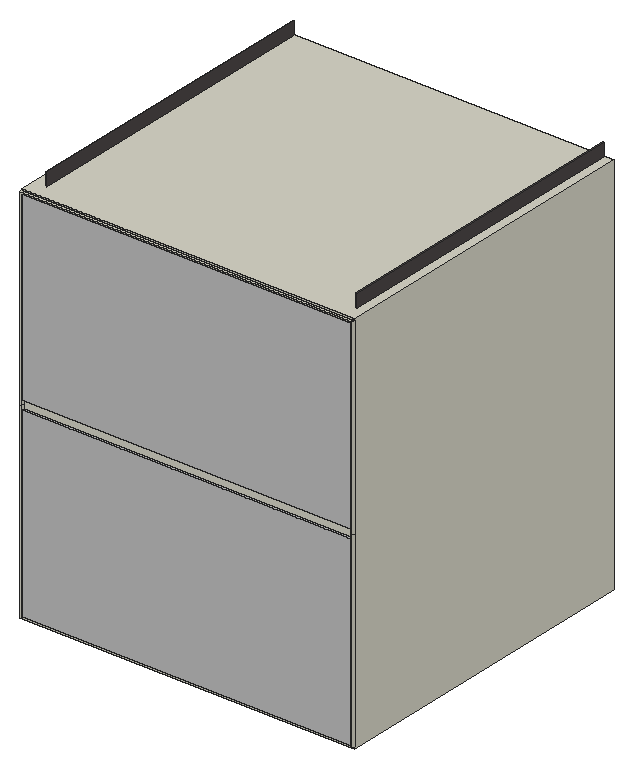
Revit family "vanity unit-hansgrohe-54173XXX-Xevolos E Vanity unit Sand Matt Beige 480_475 with 2 drawers for handrinse basin", category Furniture, Revit 2019
Family settings
  OmniClass Number = 23.40.00.00
  OmniClass Title = Equipment and Furnishings
  Work Plane-Based = No
  Always vertical = Yes
  Cut with Voids When Loaded = No
  Shared = Yes
  Room Calculation Point = No
Parameters (values of type "54173790-SAND_MATT_BEIGE-METALLIC_SAND_BEIGE-200")
  etim7_EC011381 = "EC011381"
  WEIGHT = "29"
  UNSPSC = "56 | Furniture and Furnishings"
  UNIFORMATII = "E2010 | Fixed Furnishings"
  UNICLASS_2015_CODE = "40_30_78_05"
  UNICLASS2015 = "Pr_40_30_78_05 | Bathroom furniture"
  SURFACE = "METALLIC_SAND_BEIGE"
  REGION = "Worldwide"
  PRODUCTURL = "https://pro.hansgrohe.com/articledetail--54173790"
  PERMALINK = "54173XXX"
  OMNICLASS = "23-21 19 15 33 13 | Residential Bathroom Specialty Casework"
  OBJECTTYPE = "Object (single object)"
  OBERFLAECHE = "SAND_MATT_BEIGE"
  NN = "Vanity unit with 2 drawers for handrinse basin"
  NBSYN = "$ARTNR.-$OBERFLAECHE.-$SURFACE.-$LODLEVEL."
  NB = "54173790-SAND_MATT_BEIGE-METALLIC_SAND_BEIGE-200"
  NAME = "Xevolos E Vanity unit Sand Matt Beige 480/475 with 2 drawers for handrinse basin"
  Model = "54173790-SAND_MATT_BEIGE-METALLIC_SAND_BEIGE-200"
  Manufacturer = "Hansgrohe"
  MIdent = "{$CADENAS_DATA/23d-libs/hansgrohe/xevolos_furniture/xevolos_vanity_unit_2_drawers_handrinse_basin/vanity_unit_2_drawers_for_handrinse_basin.prj},284 {VTYP=3D},{NB=54173790-SAND_MATT_BEIGE-METALLIC_SAND_BEIGE-200},{LINA=54173790-SAND_MATT_BEIGE-METALLIC_SAND_BEIGE-200},{NN=Vanity unit with 2 drawers for handrinse basin},{DATE=13.03.2023 12:26:32},{GEOMDATE=12.03.2023 06:54:00},{VERSION=},{LINEID=60},{WBVAR=LODLEVEL},{WBNUMERIC=}  {NB=54173790-SAND_MATT_BEIGE-METALLIC_SAND_BEIGE-200},{LINA=54173790-SAND_MATT_BEIGE-METALLIC_SAND_BEIGE-200},{KT=DUMMY},{IDNR=6},{ARTNR=54173790},{BASENUMBER=54173},{MODEL=54173XXX},{OBERFLAECHE=SAND_MATT_BEIGE},{SURFACE=METALLIC_SAND_BEIGE},{L=480},{LODLEVEL=200},{LODLEVELX='400','400','200','200'},{NAME=Xevolos E Vanity unit Sand Matt Beige 480/475 with 2 drawers for handrinse basin},{PERMALINK=54173XXX},{OBJECTTYPE=Object (single object)},{BIMOBJECT=Sanitary: Compound units},{COLLECTIONSET=Xevolos E},{COLLECTION=vanity unit},{WEIGHT=29},{DESCRIPTION=Xevolos E Vanity unit Sand Matt Beige 480/475 with 2 drawers for handrinse basin},{PRODUCTURL=https://pro.hansgrohe.com/articledetail--54173790},{GTINCODE=0},{TENDERURL=0},{IFC=Furnishing element},{ETIM=EC011381 | Bathroom furniture set},{UNICLASS2015=Pr_40_30_78_05 | Bathroom furniture},{OMNICLASS=23-21 19 15 33 13 | Residential Bathroom Specialty Casework},{MASTERFORMAT=12 35 30.23 | Bathroom Casework},{UNSPSC=56 | Furniture and Furnishings},{UNIFORMATII=E2010 | Fixed Furnishings},{REGION=Worldwide},{DESIGN=Germany},{MANUFACTURER=Germany}"
  MASTERFORMAT = "12 35 30.23 | Bathroom Casework"
  LODLEVEL = "200"
  LINA = "54173790-SAND_MATT_BEIGE-METALLIC_SAND_BEIGE-200"
  L = 480
  IFC = "Furnishing element"
  IDNR = 6
  ETIM = "EC011381 | Bathroom furniture set"
  DESIGN = "Germany"
  COLLECTIONSET = "Xevolos E"
  COLLECTION = "vanity unit"
  CATALOG = "Hansgrohe"
  BIMOBJECT = "Sanitary: Compound units"
  BASENUMBER = "54173"
  ARTNR = "54173790"
  54173790-SAND_MATT_BEIGE-METALLIC_SAND_BEIGE-400_RX0RY0RZ0TX0TY0TZ0_V = no
  54173790-SAND_MATT_BEIGE-METALLIC_SAND_BEIGE-200_RX0RY0RZ0TX0TY0TZ0_V = yes
  54173730-SAND_MATT_BEIGE-DARK_OAK-400_RX0RY0RZ0TX0TY0TZ0_V = no
  54173730-SAND_MATT_BEIGE-DARK_OAK-200_RX0RY0RZ0TX0TY0TZ0_V = no
  54173390-SAND_MATT_BEIGE-PATTEREND_BRONZE-400_RX0RY0RZ0TX0TY0TZ0_V = no
  54173390-SAND_MATT_BEIGE-PATTEREND_BRONZE-200_RX0RY0RZ0TX0TY0TZ0_V = no
Types (6, lengths in mm): name | SURFACE | NB | Model | MIdent | LODLEVEL | LINA | IDNR | ARTNR | 54173790-SAND_MATT_BEIGE-METALLIC_SAND_BEIGE-400_RX0RY0RZ0TX0TY0TZ0_V | 54173790-SAND_MATT_BEIGE-METALLIC_SAND_BEIGE-200_RX0RY0RZ0TX0TY0TZ0_V | 54173730-SAND_MATT_BEIGE-DARK_OAK-400_RX0RY0RZ0TX0TY0TZ0_V | 54173730-SAND_MATT_BEIGE-DARK_OAK-200_RX0RY0RZ0TX0TY0TZ0_V | 54173390-SAND_MATT_BEIGE-PATTEREND_BRONZE-400_RX0RY0RZ0TX0TY0TZ0_V | 54173390-SAND_MATT_BEIGE-PATTEREND_BRONZE-200_RX0RY0RZ0TX0TY0TZ0_V
  54173390-SAND_MATT_BEIGE-PATTEREND_BRONZE-200 | "PATTEREND_BRONZE" | "54173390-SAND_MATT_BEIGE-PATTEREND_BRONZE-200" | "54173390-SAND_MATT_BEIGE-PATTEREND_BRONZE-200" | "{$CADENAS_DATA/23d-libs/hansgrohe/xevolos_furniture/xevolos_vanity_unit_2_drawers_handrinse_basin/vanity_unit_2_drawers_for_handrinse_basin.prj},278 {VTYP=3D},{NB=54173390-SAND_MATT_BEIGE-PATTEREND_BRONZE-200},{LINA=54173390-SAND_MATT_BEIGE-PATTEREND_BRONZE-200},{NN=Vanity unit with 2 drawers for handrinse basin},{DATE=13.03.2023 12:26:32},{GEOMDATE=12.03.2023 06:54:00},{VERSION=},{LINEID=40},{WBVAR=LODLEVEL},{WBNUMERIC=}  {NB=54173390-SAND_MATT_BEIGE-PATTEREND_BRONZE-200},{LINA=54173390-SAND_MATT_BEIGE-PATTEREND_BRONZE-200},{KT=DUMMY},{IDNR=4},{ARTNR=54173390},{BASENUMBER=54173},{MODEL=54173XXX},{OBERFLAECHE=SAND_MATT_BEIGE},{SURFACE=PATTEREND_BRONZE},{L=480},{LODLEVEL=200},{LODLEVELX='400','400','200','200'},{NAME=Xevolos E Vanity unit Sand Matt Beige 480/475 with 2 drawers for handrinse basin},{PERMALINK=54173XXX},{OBJECTTYPE=Object (single object)},{BIMOBJECT=Sanitary: Compound units},{COLLECTIONSET=Xevolos E},{COLLECTION=vanity unit},{WEIGHT=29},{DESCRIPTION=Xevolos E Vanity unit Sand Matt Beige 480/475 with 2 drawers for handrinse basin},{PRODUCTURL=https://pro.hansgrohe.com/articledetail--54173790},{GTINCODE=0},{TENDERURL=0},{IFC=Furnishing element},{ETIM=EC011381 | Bathroom furniture set},{UNICLASS2015=Pr_40_30_78_05 | Bathroom furniture},{OMNICLASS=23-21 19 15 33 13 | Residential Bathroom Specialty Casework},{MASTERFORMAT=12 35 30.23 | Bathroom Casework},{UNSPSC=56 | Furniture and Furnishings},{UNIFORMATII=E2010 | Fixed Furnishings},{REGION=Worldwide},{DESIGN=Germany},{MANUFACTURER=Germany}" | "200" | "54173390-SAND_MATT_BEIGE-PATTEREND_BRONZE-200" | 4 | "54173390" | no | no | no | no | no | yes
  54173390-SAND_MATT_BEIGE-PATTEREND_BRONZE-400 | "PATTEREND_BRONZE" | "54173390-SAND_MATT_BEIGE-PATTEREND_BRONZE-400" | "54173390-SAND_MATT_BEIGE-PATTEREND_BRONZE-400" | "{$CADENAS_DATA/23d-libs/hansgrohe/xevolos_furniture/xevolos_vanity_unit_2_drawers_handrinse_basin/vanity_unit_2_drawers_for_handrinse_basin.prj},278 {VTYP=3D},{NB=54173390-SAND_MATT_BEIGE-PATTEREND_BRONZE-400},{LINA=54173390-SAND_MATT_BEIGE-PATTEREND_BRONZE-400},{NN=Vanity unit with 2 drawers for handrinse basin},{DATE=13.03.2023 12:26:32},{GEOMDATE=12.03.2023 06:54:00},{VERSION=},{LINEID=40},{WBVAR=LODLEVEL},{WBNUMERIC=}  {NB=54173390-SAND_MATT_BEIGE-PATTEREND_BRONZE-400},{LINA=54173390-SAND_MATT_BEIGE-PATTEREND_BRONZE-400},{KT=DUMMY},{IDNR=4},{ARTNR=54173390},{BASENUMBER=54173},{MODEL=54173XXX},{OBERFLAECHE=SAND_MATT_BEIGE},{SURFACE=PATTEREND_BRONZE},{L=480},{LODLEVEL=400},{LODLEVELX='400','400','200','200'},{NAME=Xevolos E Vanity unit Sand Matt Beige 480/475 with 2 drawers for handrinse basin},{PERMALINK=54173XXX},{OBJECTTYPE=Object (single object)},{BIMOBJECT=Sanitary: Compound units},{COLLECTIONSET=Xevolos E},{COLLECTION=vanity unit},{WEIGHT=29},{DESCRIPTION=Xevolos E Vanity unit Sand Matt Beige 480/475 with 2 drawers for handrinse basin},{PRODUCTURL=https://pro.hansgrohe.com/articledetail--54173790},{GTINCODE=0},{TENDERURL=0},{IFC=Furnishing element},{ETIM=EC011381 | Bathroom furniture set},{UNICLASS2015=Pr_40_30_78_05 | Bathroom furniture},{OMNICLASS=23-21 19 15 33 13 | Residential Bathroom Specialty Casework},{MASTERFORMAT=12 35 30.23 | Bathroom Casework},{UNSPSC=56 | Furniture and Furnishings},{UNIFORMATII=E2010 | Fixed Furnishings},{REGION=Worldwide},{DESIGN=Germany},{MANUFACTURER=Germany}" | "400" | "54173390-SAND_MATT_BEIGE-PATTEREND_BRONZE-400" | 4 | "54173390" | no | no | no | no | yes | no
  54173730-SAND_MATT_BEIGE-DARK_OAK-200 | "DARK_OAK" | "54173730-SAND_MATT_BEIGE-DARK_OAK-200" | "54173730-SAND_MATT_BEIGE-DARK_OAK-200" | "{$CADENAS_DATA/23d-libs/hansgrohe/xevolos_furniture/xevolos_vanity_unit_2_drawers_handrinse_basin/vanity_unit_2_drawers_for_handrinse_basin.prj},262 {VTYP=3D},{NB=54173730-SAND_MATT_BEIGE-DARK_OAK-200},{LINA=54173730-SAND_MATT_BEIGE-DARK_OAK-200},{NN=Vanity unit with 2 drawers for handrinse basin},{DATE=13.03.2023 12:26:32},{GEOMDATE=12.03.2023 06:54:00},{VERSION=},{LINEID=50},{WBVAR=LODLEVEL},{WBNUMERIC=}  {NB=54173730-SAND_MATT_BEIGE-DARK_OAK-200},{LINA=54173730-SAND_MATT_BEIGE-DARK_OAK-200},{KT=DUMMY},{IDNR=5},{ARTNR=54173730},{BASENUMBER=54173},{MODEL=54173XXX},{OBERFLAECHE=SAND_MATT_BEIGE},{SURFACE=DARK_OAK},{L=480},{LODLEVEL=200},{LODLEVELX='400','400','200','200'},{NAME=Xevolos E Vanity unit Sand Matt Beige 480/475 with 2 drawers for handrinse basin},{PERMALINK=54173XXX},{OBJECTTYPE=Object (single object)},{BIMOBJECT=Sanitary: Compound units},{COLLECTIONSET=Xevolos E},{COLLECTION=vanity unit},{WEIGHT=29},{DESCRIPTION=Xevolos E Vanity unit Sand Matt Beige 480/475 with 2 drawers for handrinse basin},{PRODUCTURL=https://pro.hansgrohe.com/articledetail--54173790},{GTINCODE=0},{TENDERURL=0},{IFC=Furnishing element},{ETIM=EC011381 | Bathroom furniture set},{UNICLASS2015=Pr_40_30_78_05 | Bathroom furniture},{OMNICLASS=23-21 19 15 33 13 | Residential Bathroom Specialty Casework},{MASTERFORMAT=12 35 30.23 | Bathroom Casework},{UNSPSC=56 | Furniture and Furnishings},{UNIFORMATII=E2010 | Fixed Furnishings},{REGION=Worldwide},{DESIGN=Germany},{MANUFACTURER=Germany}" | "200" | "54173730-SAND_MATT_BEIGE-DARK_OAK-200" | 5 | "54173730" | no | no | no | yes | no | no
  54173730-SAND_MATT_BEIGE-DARK_OAK-400 | "DARK_OAK" | "54173730-SAND_MATT_BEIGE-DARK_OAK-400" | "54173730-SAND_MATT_BEIGE-DARK_OAK-400" | "{$CADENAS_DATA/23d-libs/hansgrohe/xevolos_furniture/xevolos_vanity_unit_2_drawers_handrinse_basin/vanity_unit_2_drawers_for_handrinse_basin.prj},262 {VTYP=3D},{NB=54173730-SAND_MATT_BEIGE-DARK_OAK-400},{LINA=54173730-SAND_MATT_BEIGE-DARK_OAK-400},{NN=Vanity unit with 2 drawers for handrinse basin},{DATE=13.03.2023 12:26:32},{GEOMDATE=12.03.2023 06:54:00},{VERSION=},{LINEID=50},{WBVAR=LODLEVEL},{WBNUMERIC=}  {NB=54173730-SAND_MATT_BEIGE-DARK_OAK-400},{LINA=54173730-SAND_MATT_BEIGE-DARK_OAK-400},{KT=DUMMY},{IDNR=5},{ARTNR=54173730},{BASENUMBER=54173},{MODEL=54173XXX},{OBERFLAECHE=SAND_MATT_BEIGE},{SURFACE=DARK_OAK},{L=480},{LODLEVEL=400},{LODLEVELX='400','400','200','200'},{NAME=Xevolos E Vanity unit Sand Matt Beige 480/475 with 2 drawers for handrinse basin},{PERMALINK=54173XXX},{OBJECTTYPE=Object (single object)},{BIMOBJECT=Sanitary: Compound units},{COLLECTIONSET=Xevolos E},{COLLECTION=vanity unit},{WEIGHT=29},{DESCRIPTION=Xevolos E Vanity unit Sand Matt Beige 480/475 with 2 drawers for handrinse basin},{PRODUCTURL=https://pro.hansgrohe.com/articledetail--54173790},{GTINCODE=0},{TENDERURL=0},{IFC=Furnishing element},{ETIM=EC011381 | Bathroom furniture set},{UNICLASS2015=Pr_40_30_78_05 | Bathroom furniture},{OMNICLASS=23-21 19 15 33 13 | Residential Bathroom Specialty Casework},{MASTERFORMAT=12 35 30.23 | Bathroom Casework},{UNSPSC=56 | Furniture and Furnishings},{UNIFORMATII=E2010 | Fixed Furnishings},{REGION=Worldwide},{DESIGN=Germany},{MANUFACTURER=Germany}" | "400" | "54173730-SAND_MATT_BEIGE-DARK_OAK-400" | 5 | "54173730" | no | no | yes | no | no | no
  54173790-SAND_MATT_BEIGE-METALLIC_SAND_BEIGE-200 | "METALLIC_SAND_BEIGE" | "54173790-SAND_MATT_BEIGE-METALLIC_SAND_BEIGE-200" | "54173790-SAND_MATT_BEIGE-METALLIC_SAND_BEIGE-200" | "{$CADENAS_DATA/23d-libs/hansgrohe/xevolos_furniture/xevolos_vanity_unit_2_drawers_handrinse_basin/vanity_unit_2_drawers_for_handrinse_basin.prj},284 {VTYP=3D},{NB=54173790-SAND_MATT_BEIGE-METALLIC_SAND_BEIGE-200},{LINA=54173790-SAND_MATT_BEIGE-METALLIC_SAND_BEIGE-200},{NN=Vanity unit with 2 drawers for handrinse basin},{DATE=13.03.2023 12:26:32},{GEOMDATE=12.03.2023 06:54:00},{VERSION=},{LINEID=60},{WBVAR=LODLEVEL},{WBNUMERIC=}  {NB=54173790-SAND_MATT_BEIGE-METALLIC_SAND_BEIGE-200},{LINA=54173790-SAND_MATT_BEIGE-METALLIC_SAND_BEIGE-200},{KT=DUMMY},{IDNR=6},{ARTNR=54173790},{BASENUMBER=54173},{MODEL=54173XXX},{OBERFLAECHE=SAND_MATT_BEIGE},{SURFACE=METALLIC_SAND_BEIGE},{L=480},{LODLEVEL=200},{LODLEVELX='400','400','200','200'},{NAME=Xevolos E Vanity unit Sand Matt Beige 480/475 with 2 drawers for handrinse basin},{PERMALINK=54173XXX},{OBJECTTYPE=Object (single object)},{BIMOBJECT=Sanitary: Compound units},{COLLECTIONSET=Xevolos E},{COLLECTION=vanity unit},{WEIGHT=29},{DESCRIPTION=Xevolos E Vanity unit Sand Matt Beige 480/475 with 2 drawers for handrinse basin},{PRODUCTURL=https://pro.hansgrohe.com/articledetail--54173790},{GTINCODE=0},{TENDERURL=0},{IFC=Furnishing element},{ETIM=EC011381 | Bathroom furniture set},{UNICLASS2015=Pr_40_30_78_05 | Bathroom furniture},{OMNICLASS=23-21 19 15 33 13 | Residential Bathroom Specialty Casework},{MASTERFORMAT=12 35 30.23 | Bathroom Casework},{UNSPSC=56 | Furniture and Furnishings},{UNIFORMATII=E2010 | Fixed Furnishings},{REGION=Worldwide},{DESIGN=Germany},{MANUFACTURER=Germany}" | "200" | "54173790-SAND_MATT_BEIGE-METALLIC_SAND_BEIGE-200" | 6 | "54173790" | no | yes | no | no | no | no
  54173790-SAND_MATT_BEIGE-METALLIC_SAND_BEIGE-400 | "METALLIC_SAND_BEIGE" | "54173790-SAND_MATT_BEIGE-METALLIC_SAND_BEIGE-400" | "54173790-SAND_MATT_BEIGE-METALLIC_SAND_BEIGE-400" | "{$CADENAS_DATA/23d-libs/hansgrohe/xevolos_furniture/xevolos_vanity_unit_2_drawers_handrinse_basin/vanity_unit_2_drawers_for_handrinse_basin.prj},284 {VTYP=3D},{NB=54173790-SAND_MATT_BEIGE-METALLIC_SAND_BEIGE-400},{LINA=54173790-SAND_MATT_BEIGE-METALLIC_SAND_BEIGE-400},{NN=Vanity unit with 2 drawers for handrinse basin},{DATE=13.03.2023 12:26:32},{GEOMDATE=12.03.2023 06:54:00},{VERSION=},{LINEID=60},{WBVAR=LODLEVEL},{WBNUMERIC=}  {NB=54173790-SAND_MATT_BEIGE-METALLIC_SAND_BEIGE-400},{LINA=54173790-SAND_MATT_BEIGE-METALLIC_SAND_BEIGE-400},{KT=DUMMY},{IDNR=6},{ARTNR=54173790},{BASENUMBER=54173},{MODEL=54173XXX},{OBERFLAECHE=SAND_MATT_BEIGE},{SURFACE=METALLIC_SAND_BEIGE},{L=480},{LODLEVEL=400},{LODLEVELX='400','400','200','200'},{NAME=Xevolos E Vanity unit Sand Matt Beige 480/475 with 2 drawers for handrinse basin},{PERMALINK=54173XXX},{OBJECTTYPE=Object (single object)},{BIMOBJECT=Sanitary: Compound units},{COLLECTIONSET=Xevolos E},{COLLECTION=vanity unit},{WEIGHT=29},{DESCRIPTION=Xevolos E Vanity unit Sand Matt Beige 480/475 with 2 drawers for handrinse basin},{PRODUCTURL=https://pro.hansgrohe.com/articledetail--54173790},{GTINCODE=0},{TENDERURL=0},{IFC=Furnishing element},{ETIM=EC011381 | Bathroom furniture set},{UNICLASS2015=Pr_40_30_78_05 | Bathroom furniture},{OMNICLASS=23-21 19 15 33 13 | Residential Bathroom Specialty Casework},{MASTERFORMAT=12 35 30.23 | Bathroom Casework},{UNSPSC=56 | Furniture and Furnishings},{UNIFORMATII=E2010 | Fixed Furnishings},{REGION=Worldwide},{DESIGN=Germany},{MANUFACTURER=Germany}" | "400" | "54173790-SAND_MATT_BEIGE-METALLIC_SAND_BEIGE-400" | 6 | "54173790" | yes | no | no | no | no | no
Reference planes
  plane 1 "Center (Front/Back)": y = 0
  plane 2: z = 0
  plane 3 "Center (Left/Right)": x = 0
Dimensions and locks
  aligned and locked: level to plane 2
Nested families
  nested 1: "54173390-sand_matt_beige-patterend_bronze-200_content" at (0, 0, 0), visible <- "54173390-SAND_MATT_BEIGE-PATTEREND_BRONZE-200_RX0RY0RZ0TX0TY0TZ0_V", ContentVisible <- "54173390-SAND_MATT_BEIGE-PATTEREND_BRONZE-200_RX0RY0RZ0TX0TY0TZ0_V", type "54173390-SAND_MATT_BEIGE-PATTEREND_BRONZE-200_Content"
    with ContentVisible no
  nested 2: "54173390-sand_matt_beige-patterend_bronze-400_content" at (0, 0, 0), visible <- "54173390-SAND_MATT_BEIGE-PATTEREND_BRONZE-400_RX0RY0RZ0TX0TY0TZ0_V", ContentVisible <- "54173390-SAND_MATT_BEIGE-PATTEREND_BRONZE-400_RX0RY0RZ0TX0TY0TZ0_V", type "54173390-SAND_MATT_BEIGE-PATTEREND_BRONZE-400_Content"
    with ContentVisible no
  nested 3: "54173730-sand_matt_beige-dark_oak-200_content" at (0, 0, 0), visible <- "54173730-SAND_MATT_BEIGE-DARK_OAK-200_RX0RY0RZ0TX0TY0TZ0_V", ContentVisible <- "54173730-SAND_MATT_BEIGE-DARK_OAK-200_RX0RY0RZ0TX0TY0TZ0_V", type "54173730-SAND_MATT_BEIGE-DARK_OAK-200_Content"
    with ContentVisible no
  nested 4: "54173730-sand_matt_beige-dark_oak-400_content" at (0, 0, 0), visible <- "54173730-SAND_MATT_BEIGE-DARK_OAK-400_RX0RY0RZ0TX0TY0TZ0_V", ContentVisible <- "54173730-SAND_MATT_BEIGE-DARK_OAK-400_RX0RY0RZ0TX0TY0TZ0_V", type "54173730-SAND_MATT_BEIGE-DARK_OAK-400_Content"
    with ContentVisible no
  nested 5: "54173790-sand_matt_beige-metallic_sand_beige-200_content" at (0, 0, 0), visible <- "54173790-SAND_MATT_BEIGE-METALLIC_SAND_BEIGE-200_RX0RY0RZ0TX0TY0TZ0_V", ContentVisible <- "54173790-SAND_MATT_BEIGE-METALLIC_SAND_BEIGE-200_RX0RY0RZ0TX0TY0TZ0_V", type "54173790-SAND_MATT_BEIGE-METALLIC_SAND_BEIGE-200_Content"
    with ContentVisible yes
  nested 6: "54173790-sand_matt_beige-metallic_sand_beige-400_content" at (0, 0, 0), visible <- "54173790-SAND_MATT_BEIGE-METALLIC_SAND_BEIGE-400_RX0RY0RZ0TX0TY0TZ0_V", ContentVisible <- "54173790-SAND_MATT_BEIGE-METALLIC_SAND_BEIGE-400_RX0RY0RZ0TX0TY0TZ0_V", type "54173790-SAND_MATT_BEIGE-METALLIC_SAND_BEIGE-400_Content"
    with ContentVisible no
Definition of nested family "54173790-sand_matt_beige-metallic_sand_beige-200_content"
  Parameters (values of type "54173790-SAND_MATT_BEIGE-METALLIC_SAND_BEIGE-200_Content")
    etim7_EC011381 = "EC011381"
    WEIGHT = "29"
    UNSPSC = "56 | Furniture and Furnishings"
    UNIFORMATII = "E2010 | Fixed Furnishings"
    UNICLASS_2015_CODE = "40_30_78_05"
    UNICLASS2015 = "Pr_40_30_78_05 | Bathroom furniture"
    SURFACE = "METALLIC_SAND_BEIGE"
    REGION = "Worldwide"
    PRODUCTURL = "https://pro.hansgrohe.com/articledetail--54173790"
    PERMALINK = "54173XXX"
    OMNICLASS = "23-21 19 15 33 13 | Residential Bathroom Specialty Casework"
    OBJECTTYPE = "Object (single object)"
    OBERFLAECHE = "SAND_MATT_BEIGE"
    NN = "Vanity unit with 2 drawers for handrinse basin"
    NBSYN = "$ARTNR.-$OBERFLAECHE.-$SURFACE.-$LODLEVEL."
    NB = "54173790-SAND_MATT_BEIGE-METALLIC_SAND_BEIGE-200"
    NAME = "Xevolos E Vanity unit Sand Matt Beige 480/475 with 2 drawers for handrinse basin"
    Model = "54173790-SAND_MATT_BEIGE-METALLIC_SAND_BEIGE-200"
    Manufacturer = "Hansgrohe"
    MASTERFORMAT = "12 35 30.23 | Bathroom Casework"
    LODLEVEL = "200"
    LINA = "54173790-SAND_MATT_BEIGE-METALLIC_SAND_BEIGE-200"
    L = 480
    IFC = "Furnishing element"
    IDNR = 6
    ETIM = "EC011381 | Bathroom furniture set"
    Default Elevation = 1219.2 mm
    DESIGN = "Germany"
    ContentVisible [instance] = yes
    COLLECTIONSET = "Xevolos E"
    COLLECTION = "vanity unit"
    CATALOG = "Hansgrohe"
    BIMOBJECT = "Sanitary: Compound units"
    BASENUMBER = "54173"
    ARTNR = "54173790"
  Reference planes
    plane 1 "Center (Front/Back)": y = 0
    plane 2: z = 0
    plane 3 "Center (Left/Right)": x = 0
  Forms (mm)
    Extrusion 1, solid, visible <- "ContentVisible", detail levels medium+fine
      sketch origin (0, 0, 0) x (1, 0, 0) y (0, 1, 0)
        loop
          line (-240, 0) -> (-240, -468.3) -> (240, -468.3) -> (240, 0) -> (-240, 0)
      from 0 to 556
    Extrusion 2, solid, visible <- "ContentVisible", detail levels medium+fine
      sketch origin (0, -468.3, 0) x (1, 0, 0) y (0, 0, -1)
        loop
          line (-240, -278) -> (-238, -278) -> (-238, -4) -> (238, -4) -> (238, -278) -> (240, -278) -> (240, -2) -> (-240, -2) -> (-240, -278)
      from -4 to 0
    Extrusion 3, solid, visible <- "ContentVisible", detail levels medium+fine
      sketch origin (0, -468.3, 0) x (1, 0, 0) y (0, 0, -1)
        loop
          line (-240, -278) -> (-240, -554) -> (240, -554) -> (240, -278) -> (238, -278) -> (238, -552) -> (-238, -552) -> (-238, -278) -> (-240, -278)
      from -4 to 0
    Extrusion 4, solid, visible <- "ContentVisible", detail levels medium+fine
      sketch origin (0, -468.3, 0) x (1, 0, 0) y (0, 0, -1)
        loop
          line (-238, -272.5) -> (238, -272.5) -> (238, -4.5) -> (-238, -4.5) -> (-238, -272.5)
      from -4 to 0
    Extrusion 5, solid, visible <- "ContentVisible", detail levels medium+fine
      sketch origin (0, -468.3, 0) x (1, 0, 0) y (0, 0, -1)
        loop
          line (-238, -553.5) -> (238, -553.5) -> (238, -285.5) -> (-238, -285.5) -> (-238, -553.5)
      from -4 to 0
    Extrusion 6, solid, visible <- "ContentVisible", detail levels medium+fine
      sketch origin (-224, 0, 0) x (0, 0, -1) y (0, 1, 0)
        loop
          line (-574, 0) -> (-574, -446) -> (-534, -446) -> (-534, 0) -> (-574, 0)
      from 0 to 2
    Extrusion 7, solid, visible <- "ContentVisible", detail levels medium+fine
      sketch origin (224, 0, 0) x (0, 0, -1) y (0, 1, 0)
        loop
          line (-574, 0) -> (-574, -446) -> (-534, -446) -> (-534, 0) -> (-574, 0)
      from 0 to 2
    Extrusion 8, solid, visible <- "ContentVisible", detail levels coarse
      sketch origin (0, -236.15, 0) x (1, 0, 0) y (0, 1, 0)
        loop
          line (-240, -236.15) -> (240, -236.15) -> (240, 236.15) -> (-240, 236.15) -> (-240, -236.15)
      from 0 to 574
  Dimensions and locks
    aligned and locked: level to plane 2
Definition of nested family "54173390-sand_matt_beige-patterend_bronze-200_content"
  Parameters (values of type "54173390-SAND_MATT_BEIGE-PATTEREND_BRONZE-200_Content")
    etim7_EC011381 = "EC011381"
    WEIGHT = "29"
    UNSPSC = "56 | Furniture and Furnishings"
    UNIFORMATII = "E2010 | Fixed Furnishings"
    UNICLASS_2015_CODE = "40_30_78_05"
    UNICLASS2015 = "Pr_40_30_78_05 | Bathroom furniture"
    SURFACE = "PATTEREND_BRONZE"
    REGION = "Worldwide"
    PRODUCTURL = "https://pro.hansgrohe.com/articledetail--54173790"
    PERMALINK = "54173XXX"
    OMNICLASS = "23-21 19 15 33 13 | Residential Bathroom Specialty Casework"
    OBJECTTYPE = "Object (single object)"
    OBERFLAECHE = "SAND_MATT_BEIGE"
    NN = "Vanity unit with 2 drawers for handrinse basin"
    NBSYN = "$ARTNR.-$OBERFLAECHE.-$SURFACE.-$LODLEVEL."
    NB = "54173390-SAND_MATT_BEIGE-PATTEREND_BRONZE-200"
    NAME = "Xevolos E Vanity unit Sand Matt Beige 480/475 with 2 drawers for handrinse basin"
    Model = "54173390-SAND_MATT_BEIGE-PATTEREND_BRONZE-200"
    Manufacturer = "Hansgrohe"
    MASTERFORMAT = "12 35 30.23 | Bathroom Casework"
    LODLEVEL = "200"
    LINA = "54173390-SAND_MATT_BEIGE-PATTEREND_BRONZE-200"
    L = 480
    IFC = "Furnishing element"
    IDNR = 4
    ETIM = "EC011381 | Bathroom furniture set"
    Default Elevation = 1219.2 mm
    DESIGN = "Germany"
    ContentVisible [instance] = yes
    COLLECTIONSET = "Xevolos E"
    COLLECTION = "vanity unit"
    CATALOG = "Hansgrohe"
    BIMOBJECT = "Sanitary: Compound units"
    BASENUMBER = "54173"
    ARTNR = "54173390"
  Reference planes
    plane 1 "Center (Front/Back)": y = 0
    plane 2: z = 0
    plane 3 "Center (Left/Right)": x = 0
  Forms (mm)
    Extrusion 1, solid, visible <- "ContentVisible", detail levels medium+fine
      sketch origin (0, 0, 0) x (1, 0, 0) y (0, 1, 0)
        loop
          line (-240, 0) -> (-240, -468.3) -> (240, -468.3) -> (240, 0) -> (-240, 0)
      from 0 to 556
    Extrusion 2, solid, visible <- "ContentVisible", detail levels medium+fine
      sketch origin (0, -468.3, 0) x (1, 0, 0) y (0, 0, -1)
        loop
          line (-240, -278) -> (-238, -278) -> (-238, -4) -> (238, -4) -> (238, -278) -> (240, -278) -> (240, -2) -> (-240, -2) -> (-240, -278)
      from -4 to 0
    Extrusion 3, solid, visible <- "ContentVisible", detail levels medium+fine
      sketch origin (0, -468.3, 0) x (1, 0, 0) y (0, 0, -1)
        loop
          line (-240, -278) -> (-240, -554) -> (240, -554) -> (240, -278) -> (238, -278) -> (238, -552) -> (-238, -552) -> (-238, -278) -> (-240, -278)
      from -4 to 0
    Extrusion 4, solid, visible <- "ContentVisible", detail levels medium+fine
      sketch origin (0, -468.3, 0) x (1, 0, 0) y (0, 0, -1)
        loop
          line (-238, -272.5) -> (238, -272.5) -> (238, -4.5) -> (-238, -4.5) -> (-238, -272.5)
      from -4 to 0
    Extrusion 5, solid, visible <- "ContentVisible", detail levels medium+fine
      sketch origin (0, -468.3, 0) x (1, 0, 0) y (0, 0, -1)
        loop
          line (-238, -553.5) -> (238, -553.5) -> (238, -285.5) -> (-238, -285.5) -> (-238, -553.5)
      from -4 to 0
    Extrusion 6, solid, visible <- "ContentVisible", detail levels medium+fine
      sketch origin (-224, 0, 0) x (0, 0, -1) y (0, 1, 0)
        loop
          line (-574, 0) -> (-574, -446) -> (-534, -446) -> (-534, 0) -> (-574, 0)
      from 0 to 2
    Extrusion 7, solid, visible <- "ContentVisible", detail levels medium+fine
      sketch origin (224, 0, 0) x (0, 0, -1) y (0, 1, 0)
        loop
          line (-574, 0) -> (-574, -446) -> (-534, -446) -> (-534, 0) -> (-574, 0)
      from 0 to 2
    Extrusion 8, solid, visible <- "ContentVisible", detail levels coarse
      sketch origin (0, -236.15, 0) x (1, 0, 0) y (0, 1, 0)
        loop
          line (-240, -236.15) -> (240, -236.15) -> (240, 236.15) -> (-240, 236.15) -> (-240, -236.15)
      from 0 to 574
  Dimensions and locks
    aligned and locked: level to plane 2
Definition of nested family "54173390-sand_matt_beige-patterend_bronze-400_content"
  Parameters (values of type "54173390-SAND_MATT_BEIGE-PATTEREND_BRONZE-400_Content")
    etim7_EC011381 = "EC011381"
    WEIGHT = "29"
    UNSPSC = "56 | Furniture and Furnishings"
    UNIFORMATII = "E2010 | Fixed Furnishings"
    UNICLASS_2015_CODE = "40_30_78_05"
    UNICLASS2015 = "Pr_40_30_78_05 | Bathroom furniture"
    SURFACE = "PATTEREND_BRONZE"
    REGION = "Worldwide"
    PRODUCTURL = "https://pro.hansgrohe.com/articledetail--54173790"
    PERMALINK = "54173XXX"
    OMNICLASS = "23-21 19 15 33 13 | Residential Bathroom Specialty Casework"
    OBJECTTYPE = "Object (single object)"
    OBERFLAECHE = "SAND_MATT_BEIGE"
    NN = "Vanity unit with 2 drawers for handrinse basin"
    NBSYN = "$ARTNR.-$OBERFLAECHE.-$SURFACE.-$LODLEVEL."
    NB = "54173390-SAND_MATT_BEIGE-PATTEREND_BRONZE-400"
    NAME = "Xevolos E Vanity unit Sand Matt Beige 480/475 with 2 drawers for handrinse basin"
    Model = "54173390-SAND_MATT_BEIGE-PATTEREND_BRONZE-400"
    Manufacturer = "Hansgrohe"
    MASTERFORMAT = "12 35 30.23 | Bathroom Casework"
    LODLEVEL = "400"
    LINA = "54173390-SAND_MATT_BEIGE-PATTEREND_BRONZE-400"
    L = 480
    IFC = "Furnishing element"
    IDNR = 4
    ETIM = "EC011381 | Bathroom furniture set"
    Default Elevation = 1219.2 mm
    DESIGN = "Germany"
    ContentVisible [instance] = yes
    COLLECTIONSET = "Xevolos E"
    COLLECTION = "vanity unit"
    CATALOG = "Hansgrohe"
    BIMOBJECT = "Sanitary: Compound units"
    BASENUMBER = "54173"
    ARTNR = "54173390"
  Reference planes
    plane 1 "Center (Front/Back)": y = 0
    plane 2: z = 0
    plane 3 "Center (Left/Right)": x = 0
  Forms (mm)
    Extrusion 1, solid, visible <- "ContentVisible", detail levels medium+fine
      sketch origin (0, 0, 0) x (1, 0, 0) y (0, 1, 0)
        loop
          line (-240, 0) -> (-240, -472.3) -> (-238, -472.3) -> (-238, -468.3) -> (-224, -468.3) -> (-224, 0) -> (-240, 0)
      from 0 to 556
    Extrusion 2, solid, visible <- "ContentVisible", detail levels medium+fine
      sketch origin (0, 0, 0) x (1, 0, 0) y (0, 1, 0)
        loop
          line (-224, -79) -> (-224, -445.5) -> (224, -445.5) -> (224, -79) -> (-224, -79)
      from 0 to 16
    Extrusion 3, solid, visible <- "ContentVisible", detail levels medium+fine
      sketch origin (0, 0, 0) x (1, 0, 0) y (0, 1, 0)
        loop
          line (224, 0) -> (224, -468.3) -> (238, -468.3) -> (238, -472.3) -> (240, -472.3) -> (240, 0) -> (224, 0)
      from 0 to 556
    Extrusion 4, solid, visible <- "ContentVisible", detail levels medium+fine
      sketch origin (0, 0, 0.5) x (1, 0, 0) y (0, 1, 0)
        loop
          line (-224, -63) -> (-224, -79) -> (224, -79) -> (224, -63) -> (-224, -63)
      from 0 to 126
    Extrusion 5, solid, visible <- "ContentVisible", detail levels medium+fine
      sketch origin (0, 0, 2) x (1, 0, 0) y (0, 1, 0)
        loop
          line (-238, -451) -> (-238, -472.3) -> (238, -472.3) -> (238, -451) -> (-238, -451)
      from 0 to 2
    Extrusion 6, solid, visible <- "ContentVisible", detail levels medium+fine
      sketch origin (0, 0, 554) x (1, 0, 0) y (0, 1, 0)
        loop
          line (-238, -451) -> (-238, -472.3) -> (238, -472.3) -> (238, -451) -> (-238, -451)
      from -2 to 0
    Extrusion 7, solid, visible <- "ContentVisible", detail levels medium+fine
      sketch origin (0, -468.3, 0) x (1, 0, 0) y (0, 0, -1)
        loop
          line (-238, -272.5) -> (238, -272.5) -> (238, -4.5) -> (-238, -4.5) -> (-238, -272.5)
      from -4 to 0
    Extrusion 8, solid, visible <- "ContentVisible", detail levels medium+fine
      sketch origin (0, -468.3, 0) x (1, 0, 0) y (0, 0, -1)
        loop
          line (-238, -553.5) -> (238, -553.5) -> (238, -285.5) -> (-238, -285.5) -> (-238, -553.5)
      from -4 to 0
    Extrusion 9, solid, visible <- "ContentVisible", detail levels medium+fine
      sketch origin (0, 0, 272.5) x (1, 0, 0) y (0, 1, 0)
        loop
          line (-238, -451) -> (-238, -472.3) -> (238, -472.3) -> (238, -451) -> (-238, -451)
      from 0 to 2
    Extrusion 10, solid, visible <- "ContentVisible", detail levels medium+fine
      sketch origin (0, 0, 285.5) x (1, 0, 0) y (0, 1, 0)
        loop
          line (-238, -451) -> (-238, -472.3) -> (238, -472.3) -> (238, -451) -> (-238, -451)
      from -2 to 0
    Extrusion 11, solid, visible <- "ContentVisible", detail levels medium+fine
      sketch origin (0, -468.3, 0) x (1, 0, 0) y (0, 0, -1)
        loop
          line (-238, -274.5) -> (238, -274.5) -> (238, -4.5) -> (-238, -4.5) -> (-238, -274.5)
        loop
          line (-164, -78) -> (-164, -272.5) -> (164, -272.5) -> (164, -78) -> (-164, -78)
      from 0 to 17
    Extrusion 12, solid, visible <- "ContentVisible", detail levels medium+fine
      sketch origin (0, -468.3, 0) x (1, 0, 0) y (0, 0, -1)
        loop
          line (-238, -553.5) -> (-162, -553.5) -> (-162, -361.5) -> (162, -361.5) -> (162, -553.5) -> (238, -553.5) -> (238, -285.5) -> (-238, -285.5) -> (-238, -553.5)
      from 0 to 17
    Extrusion 13, solid, visible <- "ContentVisible", detail levels medium+fine
      sketch origin (-224, 0, 0) x (0, 0, -1) y (0, 1, 0)
        loop
          line (-574, 0) -> (-574, -446) -> (-534, -446) -> (-534, 0) -> (-574, 0)
      from 0 to 2
    Extrusion 14, solid, visible <- "ContentVisible", detail levels medium+fine
      sketch origin (224, 0, 0) x (0, 0, -1) y (0, 1, 0)
        loop
          line (-574, 0) -> (-574, -446) -> (-534, -446) -> (-534, 0) -> (-574, 0)
      from 0 to 2
    Extrusion 15, solid, visible <- "ContentVisible", detail levels medium+fine
      sketch origin (0, 0, 0) x (0, 0, -1) y (0, 1, 0)
        loop
          line (-285, -319.5) -> (-285, -444) -> (-269, -444) -> (-269, -319.5) -> (-285, -319.5)
      from -224 to 224
    Extrusion 16, solid, visible <- "ContentVisible", detail levels coarse
      sketch origin (0, -236.15, 0) x (1, 0, 0) y (0, 1, 0)
        loop
          line (-240, -236.15) -> (240, -236.15) -> (240, 236.15) -> (-240, 236.15) -> (-240, -236.15)
      from 0 to 574
  Dimensions and locks
    aligned and locked: level to plane 2
Definition of nested family "54173730-sand_matt_beige-dark_oak-200_content"
  Parameters (values of type "54173730-SAND_MATT_BEIGE-DARK_OAK-200_Content")
    etim7_EC011381 = "EC011381"
    WEIGHT = "29"
    UNSPSC = "56 | Furniture and Furnishings"
    UNIFORMATII = "E2010 | Fixed Furnishings"
    UNICLASS_2015_CODE = "40_30_78_05"
    UNICLASS2015 = "Pr_40_30_78_05 | Bathroom furniture"
    SURFACE = "DARK_OAK"
    REGION = "Worldwide"
    PRODUCTURL = "https://pro.hansgrohe.com/articledetail--54173790"
    PERMALINK = "54173XXX"
    OMNICLASS = "23-21 19 15 33 13 | Residential Bathroom Specialty Casework"
    OBJECTTYPE = "Object (single object)"
    OBERFLAECHE = "SAND_MATT_BEIGE"
    NN = "Vanity unit with 2 drawers for handrinse basin"
    NBSYN = "$ARTNR.-$OBERFLAECHE.-$SURFACE.-$LODLEVEL."
    NB = "54173730-SAND_MATT_BEIGE-DARK_OAK-200"
    NAME = "Xevolos E Vanity unit Sand Matt Beige 480/475 with 2 drawers for handrinse basin"
    Model = "54173730-SAND_MATT_BEIGE-DARK_OAK-200"
    Manufacturer = "Hansgrohe"
    MASTERFORMAT = "12 35 30.23 | Bathroom Casework"
    LODLEVEL = "200"
    LINA = "54173730-SAND_MATT_BEIGE-DARK_OAK-200"
    L = 480
    IFC = "Furnishing element"
    IDNR = 5
    ETIM = "EC011381 | Bathroom furniture set"
    Default Elevation = 1219.2 mm
    DESIGN = "Germany"
    ContentVisible [instance] = yes
    COLLECTIONSET = "Xevolos E"
    COLLECTION = "vanity unit"
    CATALOG = "Hansgrohe"
    BIMOBJECT = "Sanitary: Compound units"
    BASENUMBER = "54173"
    ARTNR = "54173730"
  Reference planes
    plane 1 "Center (Front/Back)": y = 0
    plane 2: z = 0
    plane 3 "Center (Left/Right)": x = 0
  Forms (mm)
    Extrusion 1, solid, visible <- "ContentVisible", detail levels medium+fine
      sketch origin (0, 0, 0) x (1, 0, 0) y (0, 1, 0)
        loop
          line (-240, 0) -> (-240, -468.3) -> (240, -468.3) -> (240, 0) -> (-240, 0)
      from 0 to 556
    Extrusion 2, solid, visible <- "ContentVisible", detail levels medium+fine
      sketch origin (0, -468.3, 0) x (1, 0, 0) y (0, 0, -1)
        loop
          line (-240, -278) -> (-238, -278) -> (-238, -4) -> (238, -4) -> (238, -278) -> (240, -278) -> (240, -2) -> (-240, -2) -> (-240, -278)
      from -4 to 0
    Extrusion 3, solid, visible <- "ContentVisible", detail levels medium+fine
      sketch origin (0, -468.3, 0) x (1, 0, 0) y (0, 0, -1)
        loop
          line (-240, -278) -> (-240, -554) -> (240, -554) -> (240, -278) -> (238, -278) -> (238, -552) -> (-238, -552) -> (-238, -278) -> (-240, -278)
      from -4 to 0
    Extrusion 4, solid, visible <- "ContentVisible", detail levels medium+fine
      sketch origin (0, -468.3, 0) x (1, 0, 0) y (0, 0, -1)
        loop
          line (-238, -272.5) -> (238, -272.5) -> (238, -4.5) -> (-238, -4.5) -> (-238, -272.5)
      from -4 to 0
    Extrusion 5, solid, visible <- "ContentVisible", detail levels medium+fine
      sketch origin (0, -468.3, 0) x (1, 0, 0) y (0, 0, -1)
        loop
          line (-238, -553.5) -> (238, -553.5) -> (238, -285.5) -> (-238, -285.5) -> (-238, -553.5)
      from -4 to 0
    Extrusion 6, solid, visible <- "ContentVisible", detail levels medium+fine
      sketch origin (-224, 0, 0) x (0, 0, -1) y (0, 1, 0)
        loop
          line (-574, 0) -> (-574, -446) -> (-534, -446) -> (-534, 0) -> (-574, 0)
      from 0 to 2
    Extrusion 7, solid, visible <- "ContentVisible", detail levels medium+fine
      sketch origin (224, 0, 0) x (0, 0, -1) y (0, 1, 0)
        loop
          line (-574, 0) -> (-574, -446) -> (-534, -446) -> (-534, 0) -> (-574, 0)
      from 0 to 2
    Extrusion 8, solid, visible <- "ContentVisible", detail levels coarse
      sketch origin (0, -236.15, 0) x (1, 0, 0) y (0, 1, 0)
        loop
          line (-240, -236.15) -> (240, -236.15) -> (240, 236.15) -> (-240, 236.15) -> (-240, -236.15)
      from 0 to 574
  Dimensions and locks
    aligned and locked: level to plane 2
Definition of nested family "54173730-sand_matt_beige-dark_oak-400_content"
  Parameters (values of type "54173730-SAND_MATT_BEIGE-DARK_OAK-400_Content")
    etim7_EC011381 = "EC011381"
    WEIGHT = "29"
    UNSPSC = "56 | Furniture and Furnishings"
    UNIFORMATII = "E2010 | Fixed Furnishings"
    UNICLASS_2015_CODE = "40_30_78_05"
    UNICLASS2015 = "Pr_40_30_78_05 | Bathroom furniture"
    SURFACE = "DARK_OAK"
    REGION = "Worldwide"
    PRODUCTURL = "https://pro.hansgrohe.com/articledetail--54173790"
    PERMALINK = "54173XXX"
    OMNICLASS = "23-21 19 15 33 13 | Residential Bathroom Specialty Casework"
    OBJECTTYPE = "Object (single object)"
    OBERFLAECHE = "SAND_MATT_BEIGE"
    NN = "Vanity unit with 2 drawers for handrinse basin"
    NBSYN = "$ARTNR.-$OBERFLAECHE.-$SURFACE.-$LODLEVEL."
    NB = "54173730-SAND_MATT_BEIGE-DARK_OAK-400"
    NAME = "Xevolos E Vanity unit Sand Matt Beige 480/475 with 2 drawers for handrinse basin"
    Model = "54173730-SAND_MATT_BEIGE-DARK_OAK-400"
    Manufacturer = "Hansgrohe"
    MASTERFORMAT = "12 35 30.23 | Bathroom Casework"
    LODLEVEL = "400"
    LINA = "54173730-SAND_MATT_BEIGE-DARK_OAK-400"
    L = 480
    IFC = "Furnishing element"
    IDNR = 5
    ETIM = "EC011381 | Bathroom furniture set"
    Default Elevation = 1219.2 mm
    DESIGN = "Germany"
    ContentVisible [instance] = yes
    COLLECTIONSET = "Xevolos E"
    COLLECTION = "vanity unit"
    CATALOG = "Hansgrohe"
    BIMOBJECT = "Sanitary: Compound units"
    BASENUMBER = "54173"
    ARTNR = "54173730"
  Reference planes
    plane 1 "Center (Front/Back)": y = 0
    plane 2: z = 0
    plane 3 "Center (Left/Right)": x = 0
  Forms (mm)
    Extrusion 1, solid, visible <- "ContentVisible", detail levels medium+fine
      sketch origin (0, 0, 0) x (1, 0, 0) y (0, 1, 0)
        loop
          line (-240, 0) -> (-240, -472.3) -> (-238, -472.3) -> (-238, -468.3) -> (-224, -468.3) -> (-224, 0) -> (-240, 0)
      from 0 to 556
    Extrusion 2, solid, visible <- "ContentVisible", detail levels medium+fine
      sketch origin (0, 0, 0) x (1, 0, 0) y (0, 1, 0)
        loop
          line (-224, -79) -> (-224, -445.5) -> (224, -445.5) -> (224, -79) -> (-224, -79)
      from 0 to 16
    Extrusion 3, solid, visible <- "ContentVisible", detail levels medium+fine
      sketch origin (0, 0, 0) x (1, 0, 0) y (0, 1, 0)
        loop
          line (224, 0) -> (224, -468.3) -> (238, -468.3) -> (238, -472.3) -> (240, -472.3) -> (240, 0) -> (224, 0)
      from 0 to 556
    Extrusion 4, solid, visible <- "ContentVisible", detail levels medium+fine
      sketch origin (0, 0, 0.5) x (1, 0, 0) y (0, 1, 0)
        loop
          line (-224, -63) -> (-224, -79) -> (224, -79) -> (224, -63) -> (-224, -63)
      from 0 to 126
    Extrusion 5, solid, visible <- "ContentVisible", detail levels medium+fine
      sketch origin (0, 0, 2) x (1, 0, 0) y (0, 1, 0)
        loop
          line (-238, -451) -> (-238, -472.3) -> (238, -472.3) -> (238, -451) -> (-238, -451)
      from 0 to 2
    Extrusion 6, solid, visible <- "ContentVisible", detail levels medium+fine
      sketch origin (0, 0, 554) x (1, 0, 0) y (0, 1, 0)
        loop
          line (-238, -451) -> (-238, -472.3) -> (238, -472.3) -> (238, -451) -> (-238, -451)
      from -2 to 0
    Extrusion 7, solid, visible <- "ContentVisible", detail levels medium+fine
      sketch origin (0, -468.3, 0) x (1, 0, 0) y (0, 0, -1)
        loop
          line (-238, -272.5) -> (238, -272.5) -> (238, -4.5) -> (-238, -4.5) -> (-238, -272.5)
      from -4 to 0
    Extrusion 8, solid, visible <- "ContentVisible", detail levels medium+fine
      sketch origin (0, -468.3, 0) x (1, 0, 0) y (0, 0, -1)
        loop
          line (-238, -553.5) -> (238, -553.5) -> (238, -285.5) -> (-238, -285.5) -> (-238, -553.5)
      from -4 to 0
    Extrusion 9, solid, visible <- "ContentVisible", detail levels medium+fine
      sketch origin (0, 0, 272.5) x (1, 0, 0) y (0, 1, 0)
        loop
          line (-238, -451) -> (-238, -472.3) -> (238, -472.3) -> (238, -451) -> (-238, -451)
      from 0 to 2
    Extrusion 10, solid, visible <- "ContentVisible", detail levels medium+fine
      sketch origin (0, 0, 285.5) x (1, 0, 0) y (0, 1, 0)
        loop
          line (-238, -451) -> (-238, -472.3) -> (238, -472.3) -> (238, -451) -> (-238, -451)
      from -2 to 0
    Extrusion 11, solid, visible <- "ContentVisible", detail levels medium+fine
      sketch origin (0, -468.3, 0) x (1, 0, 0) y (0, 0, -1)
        loop
          line (-238, -274.5) -> (238, -274.5) -> (238, -4.5) -> (-238, -4.5) -> (-238, -274.5)
        loop
          line (-164, -78) -> (-164, -272.5) -> (164, -272.5) -> (164, -78) -> (-164, -78)
      from 0 to 17
    Extrusion 12, solid, visible <- "ContentVisible", detail levels medium+fine
      sketch origin (0, -468.3, 0) x (1, 0, 0) y (0, 0, -1)
        loop
          line (-238, -553.5) -> (-162, -553.5) -> (-162, -361.5) -> (162, -361.5) -> (162, -553.5) -> (238, -553.5) -> (238, -285.5) -> (-238, -285.5) -> (-238, -553.5)
      from 0 to 17
    Extrusion 13, solid, visible <- "ContentVisible", detail levels medium+fine
      sketch origin (-224, 0, 0) x (0, 0, -1) y (0, 1, 0)
        loop
          line (-574, 0) -> (-574, -446) -> (-534, -446) -> (-534, 0) -> (-574, 0)
      from 0 to 2
    Extrusion 14, solid, visible <- "ContentVisible", detail levels medium+fine
      sketch origin (224, 0, 0) x (0, 0, -1) y (0, 1, 0)
        loop
          line (-574, 0) -> (-574, -446) -> (-534, -446) -> (-534, 0) -> (-574, 0)
      from 0 to 2
    Extrusion 15, solid, visible <- "ContentVisible", detail levels medium+fine
      sketch origin (0, 0, 0) x (0, 0, -1) y (0, 1, 0)
        loop
          line (-285, -319.5) -> (-285, -444) -> (-269, -444) -> (-269, -319.5) -> (-285, -319.5)
      from -224 to 224
    Extrusion 16, solid, visible <- "ContentVisible", detail levels coarse
      sketch origin (0, -236.15, 0) x (1, 0, 0) y (0, 1, 0)
        loop
          line (-240, -236.15) -> (240, -236.15) -> (240, 236.15) -> (-240, 236.15) -> (-240, -236.15)
      from 0 to 574
  Dimensions and locks
    aligned and locked: level to plane 2
Definition of nested family "54173790-sand_matt_beige-metallic_sand_beige-400_content"
  Parameters (values of type "54173790-SAND_MATT_BEIGE-METALLIC_SAND_BEIGE-400_Content")
    etim7_EC011381 = "EC011381"
    WEIGHT = "29"
    UNSPSC = "56 | Furniture and Furnishings"
    UNIFORMATII = "E2010 | Fixed Furnishings"
    UNICLASS_2015_CODE = "40_30_78_05"
    UNICLASS2015 = "Pr_40_30_78_05 | Bathroom furniture"
    SURFACE = "METALLIC_SAND_BEIGE"
    REGION = "Worldwide"
    PRODUCTURL = "https://pro.hansgrohe.com/articledetail--54173790"
    PERMALINK = "54173XXX"
    OMNICLASS = "23-21 19 15 33 13 | Residential Bathroom Specialty Casework"
    OBJECTTYPE = "Object (single object)"
    OBERFLAECHE = "SAND_MATT_BEIGE"
    NN = "Vanity unit with 2 drawers for handrinse basin"
    NBSYN = "$ARTNR.-$OBERFLAECHE.-$SURFACE.-$LODLEVEL."
    NB = "54173790-SAND_MATT_BEIGE-METALLIC_SAND_BEIGE-400"
    NAME = "Xevolos E Vanity unit Sand Matt Beige 480/475 with 2 drawers for handrinse basin"
    Model = "54173790-SAND_MATT_BEIGE-METALLIC_SAND_BEIGE-400"
    Manufacturer = "Hansgrohe"
    MASTERFORMAT = "12 35 30.23 | Bathroom Casework"
    LODLEVEL = "400"
    LINA = "54173790-SAND_MATT_BEIGE-METALLIC_SAND_BEIGE-400"
    L = 480
    IFC = "Furnishing element"
    IDNR = 6
    ETIM = "EC011381 | Bathroom furniture set"
    Default Elevation = 1219.2 mm
    DESIGN = "Germany"
    ContentVisible [instance] = yes
    COLLECTIONSET = "Xevolos E"
    COLLECTION = "vanity unit"
    CATALOG = "Hansgrohe"
    BIMOBJECT = "Sanitary: Compound units"
    BASENUMBER = "54173"
    ARTNR = "54173790"
  Reference planes
    plane 1 "Center (Front/Back)": y = 0
    plane 2: z = 0
    plane 3 "Center (Left/Right)": x = 0
  Forms (mm)
    Extrusion 1, solid, visible <- "ContentVisible", detail levels medium+fine
      sketch origin (0, 0, 0) x (1, 0, 0) y (0, 1, 0)
        loop
          line (-240, 0) -> (-240, -472.3) -> (-238, -472.3) -> (-238, -468.3) -> (-224, -468.3) -> (-224, 0) -> (-240, 0)
      from 0 to 556
    Extrusion 2, solid, visible <- "ContentVisible", detail levels medium+fine
      sketch origin (0, 0, 0) x (1, 0, 0) y (0, 1, 0)
        loop
          line (-224, -79) -> (-224, -445.5) -> (224, -445.5) -> (224, -79) -> (-224, -79)
      from 0 to 16
    Extrusion 3, solid, visible <- "ContentVisible", detail levels medium+fine
      sketch origin (0, 0, 0) x (1, 0, 0) y (0, 1, 0)
        loop
          line (224, 0) -> (224, -468.3) -> (238, -468.3) -> (238, -472.3) -> (240, -472.3) -> (240, 0) -> (224, 0)
      from 0 to 556
    Extrusion 4, solid, visible <- "ContentVisible", detail levels medium+fine
      sketch origin (0, 0, 0.5) x (1, 0, 0) y (0, 1, 0)
        loop
          line (-224, -63) -> (-224, -79) -> (224, -79) -> (224, -63) -> (-224, -63)
      from 0 to 126
    Extrusion 5, solid, visible <- "ContentVisible", detail levels medium+fine
      sketch origin (0, 0, 2) x (1, 0, 0) y (0, 1, 0)
        loop
          line (-238, -451) -> (-238, -472.3) -> (238, -472.3) -> (238, -451) -> (-238, -451)
      from 0 to 2
    Extrusion 6, solid, visible <- "ContentVisible", detail levels medium+fine
      sketch origin (0, 0, 554) x (1, 0, 0) y (0, 1, 0)
        loop
          line (-238, -451) -> (-238, -472.3) -> (238, -472.3) -> (238, -451) -> (-238, -451)
      from -2 to 0
    Extrusion 7, solid, visible <- "ContentVisible", detail levels medium+fine
      sketch origin (0, -468.3, 0) x (1, 0, 0) y (0, 0, -1)
        loop
          line (-238, -272.5) -> (238, -272.5) -> (238, -4.5) -> (-238, -4.5) -> (-238, -272.5)
      from -4 to 0
    Extrusion 8, solid, visible <- "ContentVisible", detail levels medium+fine
      sketch origin (0, -468.3, 0) x (1, 0, 0) y (0, 0, -1)
        loop
          line (-238, -553.5) -> (238, -553.5) -> (238, -285.5) -> (-238, -285.5) -> (-238, -553.5)
      from -4 to 0
    Extrusion 9, solid, visible <- "ContentVisible", detail levels medium+fine
      sketch origin (0, 0, 272.5) x (1, 0, 0) y (0, 1, 0)
        loop
          line (-238, -451) -> (-238, -472.3) -> (238, -472.3) -> (238, -451) -> (-238, -451)
      from 0 to 2
    Extrusion 10, solid, visible <- "ContentVisible", detail levels medium+fine
      sketch origin (0, 0, 285.5) x (1, 0, 0) y (0, 1, 0)
        loop
          line (-238, -451) -> (-238, -472.3) -> (238, -472.3) -> (238, -451) -> (-238, -451)
      from -2 to 0
    Extrusion 11, solid, visible <- "ContentVisible", detail levels medium+fine
      sketch origin (0, -468.3, 0) x (1, 0, 0) y (0, 0, -1)
        loop
          line (-238, -274.5) -> (238, -274.5) -> (238, -4.5) -> (-238, -4.5) -> (-238, -274.5)
        loop
          line (-164, -78) -> (-164, -272.5) -> (164, -272.5) -> (164, -78) -> (-164, -78)
      from 0 to 17
    Extrusion 12, solid, visible <- "ContentVisible", detail levels medium+fine
      sketch origin (0, -468.3, 0) x (1, 0, 0) y (0, 0, -1)
        loop
          line (-238, -553.5) -> (-162, -553.5) -> (-162, -361.5) -> (162, -361.5) -> (162, -553.5) -> (238, -553.5) -> (238, -285.5) -> (-238, -285.5) -> (-238, -553.5)
      from 0 to 17
    Extrusion 13, solid, visible <- "ContentVisible", detail levels medium+fine
      sketch origin (-224, 0, 0) x (0, 0, -1) y (0, 1, 0)
        loop
          line (-574, 0) -> (-574, -446) -> (-534, -446) -> (-534, 0) -> (-574, 0)
      from 0 to 2
    Extrusion 14, solid, visible <- "ContentVisible", detail levels medium+fine
      sketch origin (224, 0, 0) x (0, 0, -1) y (0, 1, 0)
        loop
          line (-574, 0) -> (-574, -446) -> (-534, -446) -> (-534, 0) -> (-574, 0)
      from 0 to 2
    Extrusion 15, solid, visible <- "ContentVisible", detail levels medium+fine
      sketch origin (0, 0, 0) x (0, 0, -1) y (0, 1, 0)
        loop
          line (-285, -319.5) -> (-285, -444) -> (-269, -444) -> (-269, -319.5) -> (-285, -319.5)
      from -224 to 224
    Extrusion 16, solid, visible <- "ContentVisible", detail levels coarse
      sketch origin (0, -236.15, 0) x (1, 0, 0) y (0, 1, 0)
        loop
          line (-240, -236.15) -> (240, -236.15) -> (240, 236.15) -> (-240, 236.15) -> (-240, -236.15)
      from 0 to 574
  Dimensions and locks
    aligned and locked: level to plane 2
